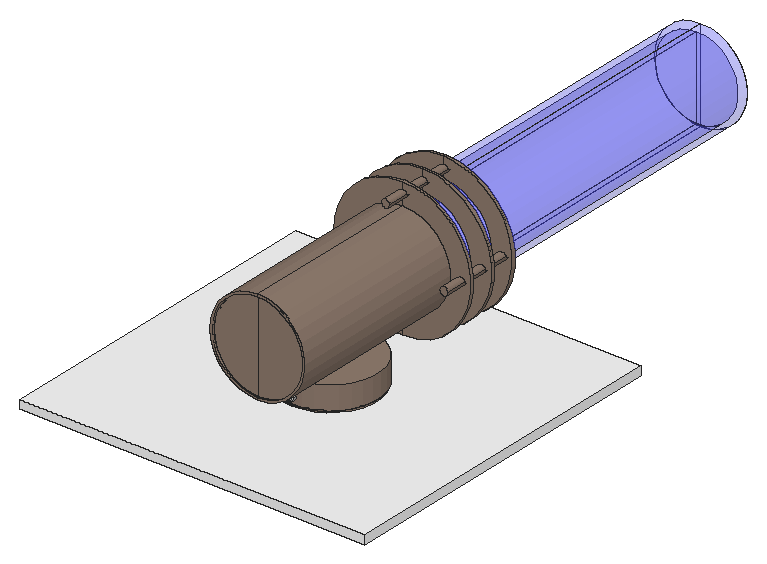
Revit family "BE_31075_de_DE", category Leuchten, Revit 2020
Family settings
  Basisbauteil = Fläche
  Bemaßung runder Anschluss = Durchmesser verwenden
  Teiletyp = Normal
  Beim Laden mit Abzugskörper schneiden = Ja
  Lichtquelle = Ja
  Gemeinsam genutzt = Nein
  Raumberechnungspunkt = Ja
Parameters (values of type "BEGA_31075_Bronze_K3")
  built-in parameter 1150104 = 19.212 (stored number, unit not read)
  Wattage = 13.3 W
  Default Elevation = 0 mm
  built-in parameter 1150113 = 1 (stored number, unit not read)
  built-in parameter 1114218 = 1 (stored number, unit not read)
  Umgebungstemperatur = "25 °C"
  URL = "https://www.bega.com/de/produkt/31075"
  Typenkommentare = "© 2022 BEGA. Wir behalten uns das Recht vor, technische Änderungen ohne vorherige Ankündigung vorzunehmen."  # constant formula
  built-in parameter 1150134 = (empty or 0)
  built-in parameter 1150109 = 1 (stored number, unit not read)
  Strom = ""
  built-in parameter 1150110 = 1 (stored number, unit not read)
  Spannung = 239.996 V
  Sonderanfertigung = no
  Seriennummer [instance] = "Hier können Sie die eindeutige Seriennummer für das Facility Management eintragen."
  Schutzklasse = "I"
  Schutzart = "IP 44"
  Scheinlast = 0 VA
  Produktdatenblatt = "https://cdn.bega.com/bega/products/31075BK3/current/documents/data-sheets/de"
  Oberflächentemperatur = ""
  Neigungswinkel = 0.00°
  Modell = "31075BK3"
  Material_37 = BEGA_Oberfläche_Bronze_Guss
  Material_11 = BEGA_Glas_opal
  Material_06 = BEGA_Oberfläche_Edelstahl_gebürstet
  Material_01 [instance] = BEGA_Oberfläche_Grafit_matt
  M_G = no
  M_B = yes
  Logo = 0
  built-in parameter 1114217 = 1 (stored number, unit not read)
  built-in parameter 1150139 = (empty or 0)
  built-in parameter 1150105 = 218.87 (stored number, unit not read)
  built-in parameter 1150114 = 1 (stored number, unit not read)
  Lumens = 2750.44 lm
  built-in parameter 1150115 = 1 (stored number, unit not read)
  Leuchtenlichtstrom = "1992 lm"
  Leuchtenanzahl = ""
  Lebensdauerkriterien = "L70B50 @ 25 °C = 200000 h"
  Lastklassifizierung = Beleuchtung
  built-in parameter 1150112 = 1 (stored number, unit not read)
  Lampenlichtstrom = "2750 lm"
  Lampe = "LED 13.3 W"
  LED_Modulbezeichnung = "LED-0904/830"
  built-in parameter 1150142 = (empty or 0)
  Hersteller = "BEGA"  # constant formula
  Halbstreuwinkel = ""
  Gewicht = "3.7 kg"
  Gebrauchslageneinschränkung [instance] = ""
  Frequenz = "0/50-60 Hz"
  Farbwiedergabeindex = "CRI > 80"
  Farbtemperaturverschiebung bei Dämpfen der Lampe = <Keine Auswahl>
  Farbtemperatur = "3000 K"
  Color Filter = 16777215
  built-in parameter 1150133 = 10 (stored number, unit not read)
  Energieeffizienzklasse = "LED A++ - A"
  built-in parameter 1150137 = (empty or 0)
  built-in parameter 1150132 = (empty or 0)
  ENEC = "ja"
  Datei für fotometrisches Netz = "BE_31075K3.IES"
  CE_Konformität = "ja"
  Bestellnummer = "31075BK3"
  Beschreibung_Sonderanfertigung = "Hier können Sie Informationen zur Sonderanfertigung eintragen."
  Beschreibung = "Wandleuchte"
  built-in parameter 1150106 = 2.1887 (stored number, unit not read)
  Befestigungsbohrung = "Ø 5,2 mm"
  Befestigungsabstand = "70 mm"
  Ballwurfsicher = ""
  Anschlussleitung = ""
  Anschlussleistung [instance] = "15.6 W"
  built-in parameter 1150107 = 3000 (stored number, unit not read)
  built-in parameter 1150102 = (empty or 0)
  built-in parameter 1150138 = (empty or 0)
  Aktualisierung = "2022-05-18T04:00:07"
  Abstand_zur_angestrahlten_Fläche [instance] = ""
  AC/DC = "AC/DC"
Types (2, lengths in mm): name | Modell | M_G | M_B | Bestellnummer
  BEGA_31075_Grafit_K3 | "31075K3" | yes | no | "31075K3"
  BEGA_31075_Bronze_K3 | "31075BK3" | no | yes | "31075BK3"
Reference planes
  plane 1 "Mitte (Vorne/Hinten)": y = 0
  plane 2: z = 0
  plane 3 "Mitte (Links/Rechts)": x = 0
  plane 4 "Links": x = -80
  plane 5 "Rechts": x = 80
  plane 6 "Unten": y = -105
  plane 7 "Oben": y = 538.3
  plane 8 "Vorne": z = 163.1
  plane 9 "Hinten": z = 0
Forms (mm)
  Extrusion 1, solid, material "BEGA_Platte_Weiss"
    sketch origin (0, -1119.2, 0) x (1, 0, 0) y (0, 1, 0)
      loop
        line (-200, 1319.2) -> (-200, 919.2) -> (200, 919.2) -> (200, 1319.2) -> (-200, 1319.2)
    from 0 to -10
  Extrusion 2, solid, material "BEGA_Dummy_matt", not visible
    sketch origin (80.095, -76.023, 0) x (1, 0, 0) y (0, 1, 0)
      loop
        line (-160.095, 614.323) -> (-160.095, -28.977) -> (-0.095, -28.977) -> (-0.095, 614.323) -> (-160.095, 614.323)
    from 0 to 163.1
Dimensions and locks
  plane 1 "Mitte (Vorne/Hinten)" to Extrusion 1 = 200 mm
  aligned and locked: Extrusion 1 to plane 2
  aligned and locked: level to Extrusion 1
Nested families
  nested 1: "BE_31075" at (0, 0, 0) x (0, -1, 0) z (0, 0, 1), type "BE_31075"
Connectors
  electrical at (0, 0, 0), driven by "Lastklassifizierung", driven by "Spannung", driven by "Scheinlast"
    settings: index 1, voltage 239.996 V, apparent load 0 VA, apparent load phase1 0 VA, apparent load phase2 0 VA, apparent load phase3 0 VA, power factor 1, load classification "Beleuchtung", number of poles 1, system type 31, power factor state 1, is connector primary yes, connector utility no, sub classification motor no, connector description ""
Definition of nested family "BE_31075"
  Parameters (values of type "BE_31075")
    Default Elevation = 1 mm
    URL = "http://www.bega.de/de/produkt"
    Type Comments = "© 2015 BEGA. Wir behalten uns das Recht vor, technische Änderungen ohne vorherige Ankündigung vorzunehmen. "  # constant formula
    Type Image = (empty or 0)
    Material_37 = none
    Material_11 = none
    Material_06 = none
    Material_01 = none
    M_G = yes
    M_B = yes
    Länge_Platte = 200 mm  # constant formula
    Höhe_Platte = -10 mm  # constant formula
    Manufacturer = "BEGA"  # constant formula
    Breite_Platte = 200 mm  # constant formula
  Reference planes
    plane 1 "Mitte (Oben/Unten)": y = 0
    plane 2: z = 0
    plane 3 "Mitte (Links/Rechts)": x = 0
    plane 4 "Hinten": z = 0
    plane 5 "Rechts": x = 105
    plane 6 "Oben": y = 80
    plane 7 "Unten": y = -80
    plane 8: x = -538.3
    plane 9: z = 163.1
  Forms (mm)
    Extrusion 1, solid, detail levels medium
      sketch origin (0, 0, 0) x (1, 0, 0) y (0, 1, 0)
        loop
          line (-100, 100) -> (-100, -100) -> (100, -100) -> (100, 100) -> (-100, 100)
      from 0 to -10 <- "Höhe_Platte"
    Revolve 2, solid, material <- "Material_11"
      sketch origin (0, 0, 0) x (1, 0, 0) y (0, 0, 1)
        loop
          line (-538.3, 137.1) -> (-538.3, 83.1) -> (-532.3, 83.1) -> (-532.3, 131.1) -> (-116.3, 131.1)
          arc (-116.3, 131.1) -> (-114.886, 130.514) -> (-114.3, 129.1) r 2
          line (-114.3, 129.1) -> (-114.3, 127.099)
          arc (-114.3, 127.099) -> (-113.166, 124.308) -> (-110.406, 123.1) r 4
          line (-110.406, 123.1) -> (-82.8, 123.1) -> (-82.8, 129.1) -> (-108.3, 129.1) -> (-108.3, 135.1)
          arc (-108.3, 135.1) -> (-108.886, 136.514) -> (-110.3, 137.1) r 2
          line (-110.3, 137.1) -> (-538.3, 137.1)
        axis (-82.8, 83.1) -> (-538.3, 83.1)
      angle from 0 to 360
    Revolve 3, solid, material <- "Material_01", visible <- "M_G"
      sketch origin (0, 0, 0) x (1, 0, 0) y (0, 0, 1)
        loop
          line (-167.8, 163.1) -> (-167.8, 139.1) -> (-164.8, 139.1) -> (-164.8, 163.1) -> (-167.8, 163.1)
        loop
          line (-137.8, 139.1) -> (-134.8, 139.1) -> (-134.8, 163.1) -> (-137.8, 163.1) -> (-137.8, 150.758) -> (-137.8, 139.1)
        loop
          line (-107.8, 134.6) -> (100, 134.6) -> (100, 83.1) -> (103, 83.1) -> (103, 135.6) -> (105, 135.6) -> (105, 138.1) -> (-105, 138.1) -> (-105, 163.1) -> (-107.8, 163.1) -> (-107.8, 134.6)
        axis (-167.8, 83.1) -> (105, 83.1)
      angle from 0 to 360
    Extrusion 4, void
      sketch origin (0, 0, 0) x (1, 0, 0) y (0, 0, 1)
        loop
          line (-57.5, 20.036) -> (57.5, 20.036) -> (57.5, 29) -> (-57.5, 29) -> (-57.5, 20.036)
      from -19.704 to 18.906
    Revolve 5, solid, material <- "Material_01", visible <- "M_G"
      sketch origin (0, 0, 0) x (1, 0, 0) y (0, 0, 1)
        loop
          line (-55.5, 29) -> (-55.5, 2) -> (-55, 1.286) -> (-55, 0) -> (-49.982, 0) -> (-48.982, 1) -> (0, 1) -> (0, 3.3) -> (-52.455, 3.3) -> (-51.732, 24) -> (0, 24) -> (0, 29) -> (-55.5, 29)
        axis (0, 0) -> (0, 29)
      angle from 0 to 360
    Revolve 6, void
      sketch origin (0, 0, 0) x (1, 0, 0) y (0, 0, 1)
        loop
          line (58.953, 10) -> (58.953, 13.95) -> (43.953, 13.95) -> (43.953, 10) -> (58.953, 10)
        axis (58.953, 10) -> (43.953, 10)
      angle from 0 to 360
    Revolve 7, solid, material <- "Material_06"
      sketch origin (0, 0, 0) x (1, 0, 0) y (0, 0, 1)
        loop
          line (57.902, 13.95) -> (47.025, 13.95) -> (47.025, 10) -> (58.953, 10) -> (58.953, 13) -> (57.902, 13.95)
        axis (58.953, 10) -> (47.025, 10)
      angle from 0 to 360
    Extrusion 8, void
      sketch origin (0, 0, 0) x (1, 0, 0) y (0, 1, 0)
        loop
          circle (0, 0) r 10.768
        loop
          circle (0, -35) r 2.658
        loop
          circle (0, 35) r 2.658
      from 0 to 12.7
    Extrusion 9, solid, material <- "Material_01", visible <- "M_G"
      sketch origin (0, 0, 0) x (0, 1, 0) y (0, 0, 1)
        loop
          circle (-67.5, 83.1) r 4.5
        loop
          circle (0, 15.6) r 4.5
        loop
          circle (67.5, 83.1) r 4.5
        loop
          circle (0, 150.6) r 4.5
      from -169.801 to -81
    Revolve 10, solid, material <- "Material_37", visible <- "M_B"
      sketch origin (0, 0, 0) x (1, 0, 0) y (0, 0, 1)
        loop
          line (-167.8, 163.1) -> (-167.8, 139.1) -> (-164.8, 139.1) -> (-164.8, 163.1) -> (-167.8, 163.1)
        loop
          line (-137.8, 139.1) -> (-134.8, 139.1) -> (-134.8, 163.1) -> (-137.8, 163.1) -> (-137.8, 150.758) -> (-137.8, 139.1)
        loop
          line (-107.8, 134.6) -> (100, 134.6) -> (100, 83.1) -> (103, 83.1) -> (103, 135.6) -> (105, 135.6) -> (105, 138.1) -> (-105, 138.1) -> (-105, 163.1) -> (-107.8, 163.1) -> (-107.8, 134.6)
        axis (-167.8, 83.1) -> (105, 83.1)
      angle from 0 to 360
    Extrusion 11, solid, material <- "Material_37", visible <- "M_B"
      sketch origin (0, 0, 0) x (0, 1, 0) y (0, 0, 1)
        loop
          circle (-67.5, 83.1) r 4.5
        loop
          circle (0, 15.6) r 4.5
        loop
          circle (67.5, 83.1) r 4.5
        loop
          circle (0, 150.6) r 4.5
      from -169.801 to -81
    Revolve 12, solid, material <- "Material_37", visible <- "M_B"
      sketch origin (0, 0, 0) x (1, 0, 0) y (0, 0, 1)
        loop
          line (-55.5, 29) -> (-55.5, 2) -> (-55, 1.286) -> (-55, 0) -> (-49.982, 0) -> (-48.982, 1) -> (0, 1) -> (0, 3.3) -> (-52.455, 3.3) -> (-51.732, 24) -> (0, 24) -> (0, 29) -> (-55.5, 29)
        axis (0, 0) -> (0, 29)
      angle from 0 to 360
  Cuts and joins
    Extrusion 4, Extrusion 8 cuts Revolve 3
    Revolve 6, Extrusion 8 cuts Revolve 5
    Revolve 6, Extrusion 8 cuts Revolve 12
    Extrusion 4 cuts Revolve 10
  Dimensions and locks
    equal spacing: Extrusion 1 sketch curve, plane 3 "Mitte (Links/Rechts)", Extrusion 1 sketch curve
    equal spacing: Extrusion 1 sketch curve, plane 1 "Mitte (Oben/Unten)", Extrusion 1 sketch curve
    "Länge_Platte": Extrusion 1 sketch curve to Extrusion 1 sketch curve
    "Breite_Platte": Extrusion 1 sketch curve to Extrusion 1 sketch curve
    aligned and locked: plane 2 to Extrusion 1
    aligned and locked: level to Extrusion 1
  Automatic sketch dimensions
    Revolve 2 sketch curve to Revolve 2 sketch curve = 6 mm  (x3)
    Revolve 2 sketch curve to Revolve 2 sketch curve = 2 mm  (x4)
    Revolve 2 sketch curve to Revolve 2 sketch curve = 3.894 mm
    Revolve 2 sketch curve to Revolve 2 sketch curve = 4 mm  (x2)
    Revolve 2 sketch curve to Revolve 2 sketch curve = 25.5 mm
    Revolve 2 sketch curve to Revolve 2 sketch curve = 2.001 mm
    Revolve 2 sketch curve to Revolve 2 sketch curve = 48 mm
    Revolve 2 sketch curve to Revolve 2 sketch curve = 0 mm  (x10)
    level to Revolve 2 sketch curve = 83.1 mm  (x2)
    Revolve 3 sketch curve to Revolve 3 sketch curve = 3 mm  (x3)
    Revolve 3 sketch curve to Revolve 3 sketch curve = 27 mm  (x2)
    plane 3 "Mitte (Links/Rechts)" to Revolve 3 sketch curve = 100 mm
    Revolve 3 sketch curve to Revolve 3 sketch curve = 2 mm
    level to Revolve 3 sketch curve = 83.1 mm
    Revolve 3 sketch curve to Revolve 3 sketch curve = 1 mm
    Revolve 3 sketch curve to Revolve 3 sketch curve = 2.5 mm
    Revolve 3 sketch curve to Revolve 3 sketch curve = 4.5 mm
    Revolve 3 sketch curve to Revolve 3 sketch curve = 0 mm
    Revolve 3 sketch curve to Revolve 3 sketch curve = 11.658 mm
    Revolve 3 sketch curve to Revolve 3 sketch curve = 12.342 mm
    Revolve 3 sketch curve to Revolve 3 sketch curve = 24 mm
    Revolve 3 sketch curve to plane 3 "Mitte (Links/Rechts)" = 60.256 mm
    Revolve 3 sketch curve to Revolve 3 sketch curve = 10 mm
    Revolve 3 sketch curve to Revolve 3 sketch curve = 51.5 mm  (x2)
    Revolve 3 sketch curve to Revolve 3 sketch curve = 2.8 mm
    Revolve 3 sketch curve to Revolve 3 sketch curve = 25 mm
    Extrusion 4 sketch curve to plane 3 "Mitte (Links/Rechts)" = 57.5 mm
    plane 3 "Mitte (Links/Rechts)" to Extrusion 4 sketch curve = 57.5 mm
    level to Extrusion 4 sketch curve = 29 mm
    Extrusion 4 sketch curve to Extrusion 4 sketch curve = 8.964 mm
    Revolve 5 sketch curve to level = 0 mm
    Revolve 5 sketch curve to plane 3 "Mitte (Links/Rechts)" = 0 mm  (x3)
    level to Revolve 5 sketch curve = 1 mm
    Revolve 5 sketch curve to plane 3 "Mitte (Links/Rechts)" = 48.982 mm
    Revolve 5 sketch curve to Revolve 5 sketch curve = 1 mm
    level to Revolve 5 sketch curve = 24 mm
    Revolve 5 sketch curve to Revolve 5 sketch curve = 2.75 mm
    Revolve 5 sketch curve to Revolve 5 sketch curve = 2.472 mm
    level to Revolve 5 sketch curve = 1.286 mm
    Revolve 5 sketch curve to Revolve 5 sketch curve = 2.545 mm
    Revolve 5 sketch curve to Revolve 5 sketch curve = 3.768 mm
    Revolve 5 sketch curve to Revolve 5 sketch curve = 0.714 mm
    Revolve 5 sketch curve to Revolve 5 sketch curve = 2.3 mm
    Revolve 5 sketch curve to Revolve 5 sketch curve = 5 mm
    Revolve 5 sketch curve to Revolve 5 sketch curve = 5.983 mm
    Revolve 5 sketch curve to Revolve 5 sketch curve = 10.283 mm
    level to Revolve 6 sketch curve = 13.95 mm
    plane 3 "Mitte (Links/Rechts)" to Revolve 6 sketch curve = 43.953 mm
    Revolve 6 sketch curve to Revolve 6 sketch curve = 15 mm
    Revolve 6 sketch curve to Revolve 6 sketch curve = 3.95 mm
    Revolve 6 sketch curve to Revolve 6 sketch curve = 6.97 mm
    Revolve 6 sketch curve to Revolve 6 sketch curve = 1.895 mm
    Revolve 6 sketch curve to Revolve 6 sketch curve = 0 mm
    level to Revolve 7 sketch curve = 13.95 mm
    plane 3 "Mitte (Links/Rechts)" to Revolve 7 sketch curve = 47.025 mm
    level to Revolve 7 sketch curve = 13 mm
    Revolve 7 sketch curve to Revolve 7 sketch curve = 11.928 mm
    Revolve 7 sketch curve to Revolve 7 sketch curve = 3 mm
    Revolve 7 sketch curve to Revolve 7 sketch curve = 4.678 mm
    Revolve 7 sketch curve to Revolve 7 sketch curve = 2.302 mm
    Revolve 7 sketch curve to Revolve 7 sketch curve = 1.051 mm
    Revolve 7 sketch curve to Revolve 7 sketch curve = 0 mm
    Revolve 2 sketch curve to plane 3 "Mitte (Links/Rechts)" = 538.3 mm
    Revolve 2 sketch curve to plane 3 "Mitte (Links/Rechts)" = 116.3 mm
    Revolve 2 sketch curve to Revolve 2 sketch curve = 178 mm
    Revolve 2 sketch curve to Revolve 2 sketch curve = 50 mm
    Revolve 3 sketch curve to Revolve 3 sketch curve = 44.744 mm
    Revolve 10 sketch curve to plane 9 = 0 mm  (x3)
    Revolve 10 sketch curve to plane 5 "Rechts" = 0 mm
    Revolve 10 sketch curve to plane 5 "Rechts" = 2 mm
    Revolve 10 sketch curve to Revolve 10 sketch curve = 3 mm  (x3)
    Revolve 10 sketch curve to plane 3 "Mitte (Links/Rechts)" = 105 mm
    Revolve 10 sketch curve to Revolve 10 sketch curve = 2.8 mm
    Revolve 10 sketch curve to Revolve 10 sketch curve = 27 mm  (x2)
    Revolve 10 sketch curve to Revolve 10 sketch curve = 12.342 mm
    Revolve 10 sketch curve to Revolve 10 sketch curve = 24 mm
    Revolve 10 sketch curve to Revolve 10 sketch curve = 11.658 mm
    Revolve 10 sketch curve to plane 9 = 25 mm
    Revolve 10 sketch curve to Revolve 10 sketch curve = 2.5 mm
    Revolve 10 sketch curve to Revolve 10 sketch curve = 3.5 mm
    Revolve 10 sketch curve to Revolve 10 sketch curve = 51.5 mm  (x2)
    Revolve 10 sketch curve to plane 3 "Mitte (Links/Rechts)" = 50.256 mm
    Revolve 10 sketch curve to Revolve 10 sketch curve = 10 mm
    Extrusion 11 sketch curve to plane 1 "Mitte (Oben/Unten)" = 0 mm  (x2)
    plane 7 "Unten" to Extrusion 11 sketch curve = 12.5 mm
    Extrusion 11 sketch curve to plane 6 "Oben" = 12.5 mm
    level to Extrusion 11 sketch curve = 15.6 mm
    Extrusion 11 sketch curve to plane 9 = 80 mm  (x2)
    Extrusion 11 sketch curve to plane 9 = 12.5 mm
    Revolve 12 sketch curve to level = 0 mm
    Revolve 12 sketch curve to plane 3 "Mitte (Links/Rechts)" = 0 mm  (x3)
    level to Revolve 12 sketch curve = 1 mm
    Revolve 12 sketch curve to plane 3 "Mitte (Links/Rechts)" = 48.982 mm
    Revolve 12 sketch curve to Revolve 12 sketch curve = 1 mm
    level to Revolve 12 sketch curve = 24 mm
    Revolve 12 sketch curve to Revolve 12 sketch curve = 2.75 mm
    Revolve 12 sketch curve to Revolve 12 sketch curve = 2.472 mm
    level to Revolve 12 sketch curve = 1.286 mm
    Revolve 12 sketch curve to Revolve 12 sketch curve = 2.545 mm
    Revolve 12 sketch curve to Revolve 12 sketch curve = 3.768 mm
    Revolve 12 sketch curve to Revolve 12 sketch curve = 0.714 mm
    Revolve 12 sketch curve to Revolve 12 sketch curve = 2.3 mm
    Revolve 12 sketch curve to Revolve 12 sketch curve = 5 mm
    Revolve 12 sketch curve to Revolve 12 sketch curve = 5.983 mm
    Revolve 12 sketch curve to Revolve 12 sketch curve = 10.283 mm
    radius of Extrusion 11 sketch curve = 4.5 mm  (x4)
